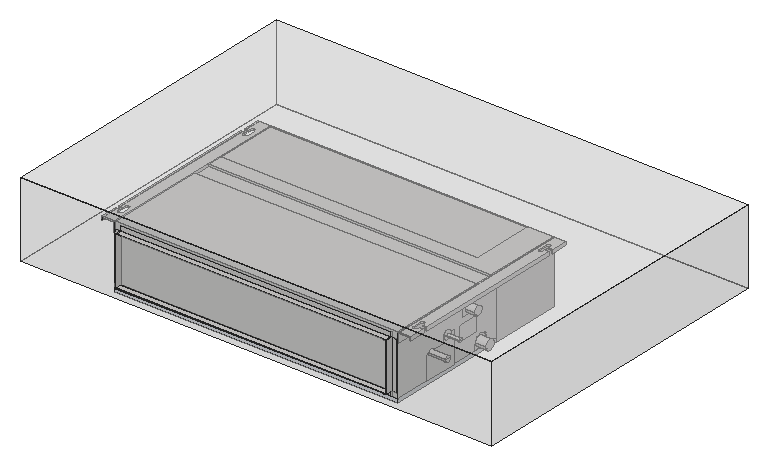
Revit family "outputfile", category 機械設備, Revit 2024
Family settings
  丸型コネクタ寸法 = 半径を使用
  パーツ タイプ = 標準
  OmniClass 番号 = 23.75.10.24.21.27.27
  OmniClass タイトル = Split System Air Conditioning Units
  作業面ベース = いいえ
  常に垂直 = はい
  ロード時にボイドで切り取り = いいえ
  注釈の向きを維持 = いいえ
  共有 = いいえ
  部屋計算ポイント = はい
Parameters (values of type "FXDQ63NDV2S")
  Description = ""
  製造元 = "Daikin"
  書き出し IFC クラス(タイプ) = "IfcUnitaryEquipmentType"
  定義済み IFC タイプ(タイプ) = "AIRCONDITIONINGUNIT"
  Cost = 0
  モデル = "FXDQ63NDV2S"
  Type Comments = ""
  Keynote = ""
  Type Image = (empty or 0)
  Assembly Code = ""
  w_pipe = 33.0 mm
  r_Liquid Pipe Size = Liquid Pipe Size / 2  # 4.75 mm
  r_Gas Pipe Size = Gas Pipe Size / 2  # 7.95 mm
  r_Drain Pipe Size = Drain Pipe Size / 2  # 10.0 mm
  lw_powersupply = 404.0 mm
  lw_ductflange2 = 820.0 mm
  lw_Width = 860.0 mm
  lh_suctionflange [instance] = if(Rear Connection_Return Air, 100.0 mm + [h***], 190.0 mm + [h***])  # 100.0 mm
  lh_SA = 102.5 mm  # constant formula
  ld_suctionflange [instance] = if(Rear Connection_Return Air, 190.0 mm, 100.0 mm)  # 190.0 mm
  ld_powersupply = 60.0 mm
  angle_vertical_RA [instance] = if(Rear Connection_Return Air, 90.00°, 0.00°)  # 90.00°
  angle horizontal_RA [instance] = if(Rear Connection_Return Air, 180.00°, 270.00°)  # 180.00°
  Voltage_comment_50Hz = "220-240"
  Voltage_50Hz = 220 V
  URL = ""
  Supply Air Direction [instance] = yes
  Sound Power Level_H speed (dB) = 59
  Rear Connection_Return Air [instance] = not(Bottom Connection_Return Air)  # yes
  RA_length = 190.0 mm  # constant formula
  Phase_50Hz = 1
  Minimum External Static Pressure = 15.00 Pa
  Minimum Circuit Amps_50Hz = 1.0 A
  Maximum Fuse Amps_50Hz = 16.0 A
  Maximum External Static Pressure = 44.00 Pa
  Material_Casing = DAIKIN_GalvanizedSteel_Casing_indoorunit
  lw_liquidpipe = 46.0 mm  # constant formula
  lw_gaspipe = 57.0 mm  # constant formula
  lw_mountinghole_pitch = 940.0 mm
  lw_mountinghole = 20.0 mm  # constant formula
  lw_drainpipe = 33.0 mm  # constant formula
  lh_powersupply = 10.0 mm
  lh_liquidpipe = 110.0 mm
  lh_gaspipe = 87.0 mm
  lh_mountinghole = Height + [h***]  # 200.0 mm
  lh_drainpipe = 150.0 mm
  lh_antena = 1.0 mm  # constant formula
  ld_liquidpipe = 193.0 mm  # constant formula
  ld_gaspipe = 130.0 mm  # constant formula
  ld_mountinghole_pitch = 0.0 mm  # constant formula
  ld_drainpipe = 280.0 mm
  ld_controlbox = 626.0 mm  # constant formula
  h*** = 0.0 mm  # constant formula
  d_dischargeflange = 21.2 mm  # constant formula
  Width = 900.0 mm
  Version = "ver.1.0"
  Unit Type = "Slim Duct (Standard) Type"
  Unit Mass Weight = 31.00 kg
  Unit Designation [instance] = ""
  Uniclass2015Version = "Products v1.30"
  Uniclass2015Title = "Variable refrigerant flow units"
  Uniclass2015Code = "Pr_70_65_03_94"
  Total Heating Capacity [instance] = 0.000 kW
  Total Cooling Capacity [instance] = 0.000 kW
  Sound Pressure Level_M speed (dBA) = 0
  Sound Pressure Level_L speed (dBA) = 29
  Sound Pressure Level_H speed (dBA) = 33
  Series = "VRV Fan Coil Unit"
  Sensible Cooling Capacity [instance] = 0.000 kW
  SA Duct Size Width = 860.0 mm
  SA Duct Size Height = 153.0 mm
  Refrigerant Type = "R410A"
  RA Duct Size Width = 800.0 mm
  RA Duct Size Height = 180.0 mm
  Power Input (Heating) = 0.168 kW
  Power Input (Cooling) = 0.181 kW
  Option Accessory 3 [instance] = ""
  Option Accessory 2 [instance] = ""
  Option Accessory 1 [instance] = ""
  Nominal Heating Capacity = 8.000 kW
  Nominal Cooling Capacity = 7.100 kW
  Minimum Airflow = 780.00 m³/h
  Median Airflow = 870.00 m³/h
  Maximum Airflow = 990.00 m³/h
  Load Classification = HVAC
  Liquid Pipe Size = 9.5 mm
  Link_Nested Family [instance] = ""
  IfcVersion = "0"
  IfcExportType = "AIRCONDITIONINGUNIT"
  IfcExportAs = "IfcUnitaryEquipmentType"
  Height = 200.0 mm
  Heating Entering Wet Bulb Temperature [instance] = 0.00 °C
  Heating Entering Dry Bulb Temperature [instance] = 0.00 °C
  Heating Ambient Wet Bulb Temperature [instance] = 0.00 °C
  Heating Ambient Dry Bulb Temperature [instance] = 0.00 °C
  Heat Exchanger Type = "Cross Fin Coil"
  Gas Pipe Size = 15.9 mm
  Frequency_50Hz = 50 Hz
  Fan Type = "Sirocco Fan"
  Fan Drive = "Direct Drive"
  FCU Tag No. [instance] = ""
  Drain Pipe Size = 20.0 mm
  Design Supply Airflow [instance] = 0.00 m³/h
  Design Return Airflow [instance] = 0.00 m³/h
  Design External Static Pressure [instance] = 0.00 Pa
  Depth = 620.0 mm
  既定の高さ = 0.0 mm
  Cooling Entering Wet Bulb Temperature [instance] = 0.00 °C
  Cooling Entering Dry Bulb Temperature [instance] = 0.00 °C
  Cooling Ambient Wet Bulb Temperature [instance] = 0.00 °C
  Cooling Ambient Dry Bulb Temperature [instance] = 0.00 °C
  Clearance visibility [instance] = yes
  Clearance Top = 20.0 mm
  Clearance Right = 300.0 mm
  Clearance Rear = 400.0 mm
  Clearance Left = 300.0 mm
  Clearance Front = 0.0 mm
  Clearance Bottom = 20.0 mm
  Bottom Connection_Return Air [instance] = no
Reference planes
  plane 1 "Center (Front/Back)": y = 0
  plane 2: z = 0
  plane 3 "Center (Left/Right)": x = 0
  plane 4 "Back": y = 310
  plane 5 "Front": y = -310
  plane 6 "Left": x = -450
  plane 7 "Right": x = 450
  plane 8 "Top": z = 0
  plane 9 "Bottom": z = -200
  plane 10: x = 330
  plane 11: x = -330
  plane 12: z = -190
  plane 13: z = -6
  plane 14: z = -22
  plane 15: z = -90
  plane 16: z = -113
  plane 17: x = -304
  plane 18: x = 304
  plane 19: x = -470
  plane 20: x = 470
  plane 21: y = 250
  plane 22: y = 250
  plane 23: x = -490
  plane 24: x = 390
  plane 25: x = 496
  plane 26: x = 507
  plane 27: x = 483
  plane 28: z = 0
  plane 29: z = -50
  plane 30 "Clearance Left": x = -750
  plane 31 "Clearance Right": x = 750
  plane 32 "Clearance Rear": y = 710
  plane 33 "Clearance Front": y = -310
  plane 34 "Clearance Top": z = 20
  plane 35 "Clearance Bottom": z = -220
  plane 36: z = -21
  plane 37: z = -170
  plane 38: z = -96.5
  plane 39: x = -40
  plane 40: y = -180
  plane 41: y = -117
  plane 42: y = -30
  plane 43: y = 20
  plane 44: z = -97.5
  plane 45: y = -309
  plane 46: x = -449
  plane 47: z = -100
  plane 48: z = -30
  plane 49: y = 210
  plane 50: z = 301
  plane 51: z = -199
  plane 52: y = 120
  plane 53: z = -101
  plane 54: x = 480
  plane 55: x = 445
  plane 56: x = 455
  plane 57: x = 451
  plane 58: x = 369
  plane 59: x = 449.004
  plane 60: x = -449
  plane 61: x = 404
  plane 62: z = -189
Forms (mm)
  Extrusion 1, solid
    sketch origin (0, 0, 0) x (1, 0, 0) y (0, 0, 1)
      loop
        line (-450, -190) -> (-450, -200) -> (450, -200) -> (450, -190) -> (-450, -190)
    from -84 to 310
  Extrusion 2, solid, material "DAIKIN_GalvanizedSteel_Casing_indoorunit" <- "Material_Casing"
    sketch origin (0, 0, 0) x (1, 0, 0) y (0, 1, 0)
      loop
        line (-450, -309) -> (450, -309) -> (450, 310) -> (-450, 310) -> (-450, -309)
    from -200 to 0
  Extrusion 3, void
    sketch origin (0, 0, 1) x (1, 0, 0) y (0, 1, 0)
      loop
        line (-450, 62.179) -> (-450, 4.179) -> (450, 4.179) -> (450, 62.179) -> (-450, 62.179)
    from -1 to -7
  Extrusion 4, void
    sketch origin (0, 0, 0) x (0, 1, 0) y (0, 0, 1)
      loop
        line (-5, -190) -> (45, -190) -> (45, -170)
        arc (45, -170) -> (20, -145) -> (-5, -170) r 25
        line (-5, -170) -> (-5, -190)
    from 450 to 445
  Revolve 5, solid, material "DAIKIN_GalvanizedSteel_Casing_indoorunit" <- "Material_Casing"
    sketch origin (0, 0, -113) x (0, -1, 0) y (1, 0, 0)
      loop
        line (172.05, 451) -> (180, 451) -> (180, 507) -> (172.05, 507) -> (172.05, 451)
      axis (180, 451) -> (180, 507)
    angle from 0 to 360
  Revolve 6, solid, material "DAIKIN_GalvanizedSteel_Casing_indoorunit" <- "Material_Casing"
    sketch origin (0, 0, -90) x (0, -1, 0) y (1, 0, 0)
      loop
        line (117, 451) -> (117, 496) -> (112.25, 496) -> (112.25, 451) -> (117, 451)
      axis (117, 496) -> (117, 451)
    angle from 0 to 360
  Extrusion 7, solid, material "DAIKIN_GalvanizedSteel_Casing_indoorunit" <- "Material_Casing"
    sketch origin (0, 0, 0) x (0, 1, 0) y (0, 0, 1)
      loop
        circle (-116, -90) r 12.7
    from 450 to 455
  Extrusion 8, solid, material "DAIKIN_GalvanizedSteel_Casing_indoorunit" <- "Material_Casing"
    sketch origin (0, 0, 0) x (0, 1, 0) y (0, 0, 1)
      loop
        circle (20, -170) r 15
    from 480 to 445
  Extrusion 9, solid, material "DAIKIN_GalvanizedSteel_Casing_indoorunit" <- "Material_Casing"
    sketch origin (0, 0, 0) x (0, 1, 0) y (0, 0, 1)
      loop
        line (-52, -30) -> (-52, -70) -> (-11, -70) -> (-11, -30) -> (-52, -30)
    from 450 to 451
  Extrusion 10, solid, material "DAIKIN_GalvanizedSteel_Casing_indoorunit" <- "Material_Casing"
    sketch origin (0, 0, 0) x (0, 1, 0) y (0, 0, 1)
      loop
        circle (-30, -50.064) r 13
    from 450 to 483
  Extrusion 11, solid, material "DAIKIN_GalvanizedSteel_Casing_indoorunit" <- "Material_Casing"
    sketch origin (0, 0, 0) x (0, 1, 0) y (0, 0, 1)
      loop
        line (-63.609, -90) -> (-63.609, -136) -> (0.391, -136) -> (0.391, -90) -> (-63.609, -90)
    from 450 to 451
  Extrusion 12, solid, material "DAIKIN_GalvanizedSteel_Casing_indoorunit" <- "Material_Casing"
    sketch origin (0, 0, 0) x (1, 0, 0) y (0, 0, 1)
      loop
        line (-450, -190) -> (-450, -200) -> (450, -200) -> (450, -190) -> (-450, -190)
    from -84 to 310
  Extrusion 13, solid, material "DAIKIN_GalvanizedSteel_Casing_indoorunit" <- "Material_Casing", visible <- "Bottom Connection_Return Air"
    sketch origin (0, 0, 0) x (1, 0, 0) y (0, 0, 1)
      loop
        line (369, -200) -> (369, -1) -> (-449, -1) -> (-449, -200) -> (369, -200)
    from -310 to -309
  Extrusion 14, void
    sketch origin (0, 0, 0) x (1, 0, 0) y (0, 0, 1)
      loop
        line (369, 0) -> (-449, 0) -> (-449, -1) -> (369, -1) -> (369, 0)
    from -310 to -111
  Extrusion 15, solid, material "DAIKIN_GalvanizedSteel_Casing_indoorunit" <- "Material_Casing", visible <- "Rear Connection_Return Air"
    sketch origin (0, 0, 0) x (1, 0, 0) y (0, 1, 0)
      loop
        line (-449, 310) -> (-449, 111) -> (369, 111) -> (369, 310) -> (-449, 310)
    from -200 to -199
  Extrusion 16, solid, material "DAIKIN_GalvanizedSteel_Casing_indoorunit" <- "Material_Casing"
    sketch origin (0, 0, 0) x (0, 1, 0) y (0, 0, 1)
      loop
        line (-194, -113) -> (-194, -190) -> (-88.3, -190) -> (-88.3, -90) -> (-103.3, -90)
        arc (-103.3, -90) -> (-116, -102.7) -> (-128.7, -90) r 12.7
        line (-128.7, -90) -> (-128.7, -113) -> (-173.65, -113)
        arc (-173.65, -113) -> (-180, -119.35) -> (-186.35, -113) r 6.35
        line (-186.35, -113) -> (-194, -113)
    from 451 to 450
  Extrusion 17, solid, material "DAIKIN_GalvanizedSteel_Casing_indoorunit" <- "Material_Casing"
    sketch origin (0, 0, 0) x (0, 1, 0) y (0, 0, 1)
      loop
        line (84, -199) -> (310, -199) -> (310, -22) -> (91, -22) -> (84, -29) -> (84, -199)
    from 451 to 450
Cuts and joins
  Extrusion 3, Extrusion 4, Extrusion 14 cuts Extrusion 2
  Extrusion 4 cuts Extrusion 1
  Extrusion 14 cuts Extrusion 12
Dimensions and locks
  "lh_powersupply": plane 12 to plane 9 "Bottom"
  locked: plane 8 "Top" to plane 13 at 6
  "Height": plane 8 "Top" to plane 9 "Bottom"
  equal spacing: plane 17, plane 3 "Center (Left/Right)", plane 18, locked at 304 each
  locked: plane 17 to plane 18 at 608
  equal spacing: plane 19, plane 3 "Center (Left/Right)", plane 20
  "lw_mountinghole_pitch": plane 19 to plane 20
  locked: plane 14 to plane 9 "Bottom" at 178
  "lw_mountinghole": plane 23 to plane 19
  "lh_liquidpipe": plane 15 to plane 9 "Bottom"
  "lh_gaspipe": plane 16 to plane 9 "Bottom"
  "lh_mountinghole": plane 28 to plane 9 "Bottom"
  "ld_mountinghole_pitch": plane 22 to plane 21
  equal spacing: plane 6 "Left", plane 3 "Center (Left/Right)", plane 7 "Right"
  "Width": plane 6 "Left" to plane 7 "Right"
  "lh_drainpipe": plane 29 to plane 9 "Bottom"
  "Clearance Right": plane 7 "Right" to plane 31 "Clearance Right"
  "Clearance Left": plane 30 "Clearance Left" to plane 6 "Left"
  "lw_gaspipe": plane 7 "Right" to plane 26
  "lw_liquidpipe": plane 7 "Right" to plane 25
  "lw_drainpipe": plane 7 "Right" to plane 27
  "Clearance Rear": plane 32 "Clearance Rear" to plane 4 "Back"
  "Clearance Front": plane 5 "Front" to plane 33 "Clearance Front"
  "Clearance Top": plane 34 "Clearance Top" to plane 8 "Top"
  "Clearance Bottom": plane 9 "Bottom" to plane 35 "Clearance Bottom"
  "ld_powersupply": plane 4 "Back" to plane 22
  locked: plane 8 "Top" to plane 36 at 21
  locked: plane 8 "Top" to plane 37 at 170
  locked: plane 40 to plane 41 at 63
  locked: plane 38 to plane 9 "Bottom" at 103.5
  locked: plane 36 to plane 44 at 76.5
  "Depth": plane 4 "Back" to plane 5 "Front"
  equal spacing: plane 4 "Back", plane 1 "Center (Front/Back)", plane 5 "Front"
  locked: plane 45 to plane 5 "Front" at 1
  locked: plane 46 to plane 6 "Left" at 1
  Extrusion 13 sketch curve to Extrusion 13 sketch curve = 199.0 mm
  nested 11 to plane 39 = 400.0 mm
  locked: plane 12 to plane 47 at 90
  plane 32 "Clearance Rear" to Extrusion 13 = 401.0 mm
  locked: plane 48 to plane 35 "Clearance Bottom" at 190
  plane 49 to nested 12 = 90.0 mm
  plane 50 to plane 28 = 301.0 mm
  locked: plane 51 to plane 9 "Bottom" at 1
  "ld_suctionflange": plane 4 "Back" to plane 52
  locked: plane 53 to plane 9 "Bottom" at 99
  locked: plane 7 "Right" to plane 54 at 30
  locked: plane 55 to plane 7 "Right" at 5
  locked: plane 7 "Right" to plane 56 at 5
  locked: plane 7 "Right" to plane 57 at 1
  plane 7 "Right" to plane 58 = 81.0 mm
  locked: plane 7 "Right" to plane 59 at 0.996
  locked: plane 60 to plane 6 "Left" at 1
  "lw_powersupply": plane 3 "Center (Left/Right)" to plane 61
  "r_Gas Pipe Size": nested 6 to Revolve 5 sketch curve
  "r_Liquid Pipe Size": nested 5 to Revolve 6 sketch curve
  locked: plane 62 to plane 9 "Bottom" at 11
  aligned and locked: level to plane 2
  aligned and locked: Extrusion 2 to plane 9 "Bottom"
  aligned and locked: plane 8 "Top" to Extrusion 2
  aligned and locked: Revolve 5 sketch curve to Revolve 5 sketch curve
  aligned and locked: plane 15 to Extrusion 7 sketch curve
  aligned and locked: cut or joined group of Extrusion 1, Extrusion 4 to plane 9 "Bottom"
  aligned and locked: plane 27 to Extrusion 10
  aligned and locked: plane 25 to nested 5
  aligned and locked: nested 5 to plane 15
  aligned and locked: nested 1 to plane 22
  aligned and locked: plane 20 to nested 2
  aligned and locked: plane 19 to nested 3
  aligned and locked: plane 22 to nested 4
  aligned and locked: nested 4 to plane 22
  aligned and locked: plane 19 to nested 4
  aligned and locked: nested 7 to plane 29
  aligned and locked: Extrusion 10 to nested 7
  aligned and locked: plane 27 to nested 7
  aligned and locked: nested 10 to plane 12
  aligned and locked: Extrusion 12 to plane 5 "Front"
  aligned and locked: Extrusion 12 to plane 9 "Bottom"
  aligned and locked: nested 6 to plane 16
  aligned and locked: plane 40 to nested 6
  aligned and locked: plane 41 to nested 5
  aligned and locked: plane 42 to nested 7
  aligned and locked: Extrusion 8 sketch curve to plane 43
  aligned and locked: plane 4 "Back" to Extrusion 14
  aligned and locked: Extrusion 15 to nested 12
  aligned and locked: plane 8 "Top" to Extrusion 3
  aligned and locked: Extrusion 13 to cut or joined group of Extrusion 2, Extrusion 3, Extrusion 4, Extrusion 14
  aligned and locked: plane 9 "Bottom" to Extrusion 15  (x2)
  aligned and locked: Extrusion 15 to plane 51
  aligned and locked: plane 4 "Back" to nested 11
  aligned and locked: Extrusion 14 to level
  aligned and locked: plane 32 "Clearance Rear" to nested 13
  aligned and locked: plane 31 "Clearance Right" to nested 13
  aligned and locked: plane 30 "Clearance Left" to nested 13
  aligned and locked: nested 13 to plane 33 "Clearance Front"
  aligned and locked: nested 13 to plane 34 "Clearance Top"
  aligned and locked: nested 13 to plane 35 "Clearance Bottom"
  aligned and locked: plane 7 "Right" to Extrusion 16  (x2)
  aligned and locked: plane 4 "Back" to Extrusion 17
  aligned and locked: Extrusion 17 to plane 51
  aligned and locked: plane 7 "Right" to Extrusion 17  (x2)
  aligned and locked: Extrusion 16 to Revolve 5 sketch curve
  aligned and locked: Extrusion 3 to plane 13
  aligned and locked: plane 52 to nested 14
  aligned and locked: nested 12 to Extrusion 14
  aligned and locked: Extrusion 11 to plane 7 "Right"
  aligned and locked: Extrusion 7 to plane 7 "Right"
  aligned and locked: plane 7 "Right" to cut or joined group of Extrusion 2, Extrusion 3, Extrusion 4, Extrusion 14  (x2)
  aligned and locked: cut or joined group of Extrusion 2, Extrusion 3, Extrusion 4, Extrusion 14 to plane 55
  aligned and locked: Extrusion 8 to plane 55
  aligned and locked: plane 54 to Extrusion 8
  aligned and locked: plane 56 to Extrusion 7
  aligned and locked: plane 57 to Extrusion 17
  aligned and locked: Extrusion 16 to plane 57
  aligned and locked: Extrusion 11 to plane 57
  aligned and locked: plane 26 to nested 6
  aligned and locked: Extrusion 9 to plane 57
  aligned and locked: Extrusion 9 to plane 7 "Right"
  aligned and locked: Extrusion 10 to plane 7 "Right"
  aligned and locked: plane 58 to Extrusion 14 sketch curve
  aligned and locked: Extrusion 13 sketch curve to plane 58
  aligned and locked: plane 3 "Center (Left/Right)" to nested 15
  aligned and locked: Extrusion 15 to plane 58
  aligned and locked: plane 6 "Left" to nested 11
  aligned and locked: plane 8 "Top" to nested 15
  aligned and locked: plane 4 "Back" to nested 15
  aligned and locked: cut or joined group of Extrusion 2, Extrusion 3, Extrusion 4, Extrusion 14 to plane 45
  aligned and locked: nested 10 to plane 61
  aligned and locked: plane 20 to nested 1
  aligned and locked: nested 12 to plane 58
  aligned and locked: nested 9 to plane 1 "Center (Front/Back)"
  aligned and locked: plane 3 "Center (Left/Right)" to nested 9
  aligned and locked: plane 51 to nested 12
  aligned and locked: nested 11 to plane 51
  aligned and locked: nested 16 to plane 62
  aligned and locked: plane 13 to nested 16
  aligned and locked: plane 45 to nested 16
  aligned and locked: level to plane 8 "Top"
Automatic sketch dimensions
  Extrusion 1 sketch curve to plane 6 "Left" = 0.0 mm
  Extrusion 1 sketch curve to plane 7 "Right" = 0.0 mm
  Extrusion 1 sketch curve to plane 9 "Bottom" = 0.0 mm
  Extrusion 1 sketch curve to plane 12 = 0.0 mm
  Extrusion 2 sketch curve to plane 4 "Back" = 0.0 mm
  Extrusion 2 sketch curve to plane 6 "Left" = 0.0 mm
  Extrusion 2 sketch curve to plane 7 "Right" = 0.0 mm
  Extrusion 2 sketch curve to plane 45 = 0.0 mm
  Extrusion 3 sketch curve to plane 6 "Left" = 0.0 mm
  Extrusion 3 sketch curve to plane 7 "Right" = 0.0 mm
  Extrusion 3 sketch curve to plane 1 "Center (Front/Back)" = 4.179 mm
  plane 43 to Extrusion 3 sketch curve = 42.179 mm
  Extrusion 4 sketch curve to plane 37 = 0.0 mm
  Extrusion 4 sketch curve to plane 12 = 0.0 mm
  Extrusion 4 sketch curve to plane 43 = 0.0 mm
  plane 1 "Center (Front/Back)" to Extrusion 4 sketch curve = 5.0 mm
  plane 41 to Extrusion 7 sketch curve = 1.0 mm
  Extrusion 8 sketch curve to plane 37 = 0.0 mm
  Extrusion 9 sketch curve to plane 42 = 22.0 mm
  plane 1 "Center (Front/Back)" to Extrusion 9 sketch curve = 11.0 mm
  plane 15 to Extrusion 9 sketch curve = 20.0 mm
  Extrusion 9 sketch curve to plane 14 = 8.0 mm
  Extrusion 10 sketch curve to plane 42 = 0.0 mm
  Extrusion 10 sketch curve to plane 29 = 0.064 mm
  plane 15 to Extrusion 11 sketch curve = 0.0 mm
  Extrusion 11 sketch curve to plane 42 = 33.609 mm
  Extrusion 11 sketch curve to plane 1 "Center (Front/Back)" = 0.391 mm
  Extrusion 11 sketch curve to plane 16 = 23.0 mm
  Extrusion 12 sketch curve to plane 6 "Left" = 0.0 mm
  Extrusion 12 sketch curve to plane 7 "Right" = 0.0 mm
  Extrusion 12 sketch curve to plane 9 "Bottom" = 0.0 mm
  Extrusion 12 sketch curve to plane 12 = 0.0 mm
  plane 46 to Extrusion 13 sketch curve = 0.0 mm
  plane 46 to Extrusion 14 sketch curve = 0.0 mm
  Extrusion 14 sketch curve to plane 8 "Top" = 1.0 mm
  Extrusion 15 sketch curve to plane 46 = 0.0 mm
  Extrusion 15 sketch curve to plane 4 "Back" = 0.0 mm
  plane 18 to Extrusion 15 sketch curve = 65.0 mm
  plane 43 to Extrusion 15 sketch curve = 91.0 mm
  plane 35 "Clearance Bottom" to Extrusion 14 sketch curve = 220.0 mm
  Extrusion 13 sketch curve to plane 51 = 1.0 mm
  Extrusion 16 sketch curve to plane 12 = 0.0 mm
  Extrusion 16 sketch curve to plane 16 = 0.0 mm
  Extrusion 16 sketch curve to plane 40 = 0.0 mm
  Extrusion 16 sketch curve to plane 15 = 0.0 mm
  Extrusion 16 sketch curve to Extrusion 16 sketch curve = 6.35 mm
  Extrusion 16 sketch curve to Extrusion 16 sketch curve = 7.65 mm
  Extrusion 16 sketch curve to plane 41 = 11.7 mm
  plane 41 to Extrusion 16 sketch curve = 1.0 mm
  Extrusion 16 sketch curve to Extrusion 16 sketch curve = 27.7 mm
  Extrusion 17 sketch curve to plane 51 = 0.0 mm
  Extrusion 17 sketch curve to plane 14 = 0.0 mm
  plane 48 to Extrusion 17 sketch curve = 1.0 mm
  plane 43 to Extrusion 17 sketch curve = 64.0 mm
  Extrusion 17 sketch curve to Extrusion 17 sketch curve = 7.0 mm
  Extrusion 17 sketch curve to plane 4 "Back" = 0.0 mm
  Revolve 5 sketch curve to plane 26 = 0.0 mm
  Revolve 5 sketch curve to plane 40 = 0.0 mm
  Revolve 5 sketch curve to Revolve 5 sketch curve = 1.003 mm
  plane 26 to Revolve 5 sketch curve = 1.003 mm
  Revolve 6 sketch curve to plane 41 = 0.0 mm  (x2)
  Revolve 6 sketch curve to plane 25 = 0.0 mm  (x2)
  Revolve 6 sketch curve to plane 57 = 0.0 mm  (x2)
  radius of Extrusion 7 sketch curve = 12.7 mm
  radius of Extrusion 8 sketch curve = 15.0 mm
  radius of Extrusion 10 sketch curve = 13.0 mm
Nested families
  nested 1: "daikin_mountinghole" at (470, 250, -200), l_antenna <- "lh_antena", Link_Nested Family <- "Link_Nested Family", h_mountinghole <- "lh_mountinghole", type "daikin_mountinghole"
    with show yes, l_antenna 1.0 mm, h_mountinghole 200.0 mm, Link_Nested Family ""
  nested 2: "daikin_mountinghole" at (470, -250, -200), Link_Nested Family <- "Link_Nested Family", l_antenna <- "lh_antena", h_mountinghole <- "lh_mountinghole", type "daikin_mountinghole"
    with show yes, l_antenna 1.0 mm, h_mountinghole 200.0 mm, Link_Nested Family ""
  nested 3: "daikin_mountinghole" at (-470, -250, -200), l_antenna <- "lh_antena", Link_Nested Family <- "Link_Nested Family", h_mountinghole <- "lh_mountinghole", type "daikin_mountinghole"
    with show yes, l_antenna 1.0 mm, h_mountinghole 200.0 mm, Link_Nested Family ""
  nested 4: "daikin_mountinghole" at (-470, 250, -200), l_antenna <- "lh_antena", Link_Nested Family <- "Link_Nested Family", h_mountinghole <- "lh_mountinghole", type "daikin_mountinghole"
    with show yes, l_antenna 1.0 mm, h_mountinghole 200.0 mm, Link_Nested Family ""
  nested 5: "daikin_connector_rotate2" at (450, -117, -90) x (0, 1, 0) z (0, 0, 1), length <- "lw_liquidpipe", built-in parameter 1001364 <- "lh_liquidpipe", radius <- "r_Liquid Pipe Size", type "daikin_connector_rotate2"
    with radius 4.75 mm, length 46.0 mm, angle_vertical 90.00°
  nested 6: "daikin_connector_rotate2" at (450, -180, -113) x (0, 1, 0) z (0, 0, 1), length <- "lw_gaspipe", built-in parameter 1001364 <- "lh_gaspipe", radius <- "r_Gas Pipe Size", type "daikin_connector_rotate2"
    with radius 7.95 mm, length 57.0 mm, angle_vertical 90.00°
  nested 7: "daikin_connector_rotate2" at (450, -30, -50) x (0, 1, 0) z (0, 0, 1), built-in parameter 1001364 <- "lh_drainpipe", length <- "lw_drainpipe", radius <- "r_Drain Pipe Size", type "daikin_connector_rotate2"
    with radius 10.0 mm, length 33.0 mm, angle_vertical 90.00°
  nested 8: "daikin_connector_rotate2" at (0, -309, -97.5), length <- "d_dischargeflange", built-in parameter 1001364 <- "lh_SA", type "daikin_connector_rotate2"
    with radius 10.0 mm, length 21.2 mm, angle_vertical 90.00°
  nested 9: "daikin_△_symbolicline" at (-75, -129.904, 200) x (-0.5, 0.866, 0) z (0, 0, 1), built-in parameter 1001364 <- "Height", visible <- "Supply Air Direction", type "daikin_△_symbolicline"
    with length 300.0 mm
  nested 10: "daikin_connector_rotate2" at (404, 250, -190) x (-1, 0, 0) z (0, 0, 1), built-in parameter 1001364 <- "lw_powersupply", length <- "ld_powersupply", type "daikin_connector_rotate2"
    with radius 10.0 mm, length 60.0 mm, angle_vertical 90.00°
  nested 11: "daikin_ductflange_FXDQ-NDV2S2" at (-40, 310, -100), visible <- "Rear Connection_Return Air", material <- "Material_Casing", width <- "lw_ductflange2", type "daikin_ductflange_FXDQ-NDV2S2"
    with width 820.0 mm, material DAIKIN_GalvanizedSteel_Casing_indoorunit, height 180.0 mm, depth 21.2 mm
  nested 12: "daikin_ductflange_FXDQ-NDV2S2" at (-40, 210, -200) x (1, 0, 0) z (0, 1, 0), visible <- "Bottom Connection_Return Air", material <- "Material_Casing", width <- "lw_ductflange2", type "daikin_ductflange_FXDQ-NDV2S2"
    with width 820.0 mm, material DAIKIN_GalvanizedSteel_Casing_indoorunit, height 180.0 mm, depth 21.2 mm
  nested 13: "daikin_clearancespace" at (0, 200, -99.881), visible <- "Clearance visibility", show <- "Clearance visibility", Link_Nested Family <- "Link_Nested Family", type "daikin_clearancespace"
    with width 1500.0 mm, show yes, height 240.0 mm, depth 1020.0 mm, Link_Nested Family ""
  nested 14: "daikin_connector_rotate3" at (-40, 120, -100), built-in parameter 1001364 <- "lh_suctionflange", angle_vertical <- "angle_vertical_RA", angle_horizontal <- "angle horizontal_RA", length <- "RA_length", type "daikin_connector_rotate3"
    with show no, radius 10.0 mm, length 190.0 mm, angle_vertical 90.00°, angle_horizontal 180.00°
  nested 15: "daikin_hangerfixture_FXDQ-NDV2S" at (0, 0.5, 0), type "daikin_hangerfixture_FXDQ-NDV2S"
  nested 16: "daikin_ductflange_FXDQ-NDV2S" at (0, 4.5, -364.201), material <- "Material_Casing", width <- "lw_Width", type "daikin_ductflange_FXDQ-NDV2S"
    with width 860.0 mm, material DAIKIN_GalvanizedSteel_Casing_indoorunit, height 155.0 mm, depth 21.2 mm
Connectors
  piping at (507, -180, -113), diameter 15.9, driven by "r_Gas Pipe Size"
    settings: on nested 6, index 1, connector inside diameter 609.6 mm, connector length 0.0 mm, flow factor 0, pipe flow 0.00 m³/h, pressure drop 0.0 Pa, fitting loss kfactor 0, connector angle 0.00°, fixture units 0, engagement length 0.0 mm, angle of deflection 0.00°, flow configuration 1, flow direction 2, fitting loss method 0, system type 29, joint type 0, gender type 0, connector reference index -1, connector utility 0, adjustable connector no, is connector primary yes, connector description "Refrigerant Gas Piping"
  piping at (496, -117, -90), diameter 9.5, driven by "r_Liquid Pipe Size"
    settings: on nested 5, index 2, connector inside diameter 609.6 mm, connector length 0.0 mm, flow factor 0, pipe flow 0.00 m³/h, pressure drop 0.0 Pa, fitting loss kfactor 0, connector angle 0.00°, fixture units 0, engagement length 0.0 mm, angle of deflection 0.00°, flow configuration 1, flow direction 1, fitting loss method 0, system type 29, joint type 0, gender type 0, connector reference index -1, connector utility 0, adjustable connector no, is connector primary no, connector description "Refrigerant Liquid Piping"
  piping at (483, -30, -50), diameter 20, driven by "r_Drain Pipe Size"
    settings: on nested 7, index 3, connector inside diameter 609.6 mm, connector length 0.0 mm, flow factor 0, pipe flow 0.00 m³/h, pressure drop 0.0 Pa, fitting loss kfactor 0, connector angle 0.00°, fixture units 0, engagement length 0.0 mm, angle of deflection 0.00°, flow configuration 1, flow direction 2, fitting loss method 4, system type 16, joint type 0, gender type 0, connector reference index -1, connector utility 0, adjustable connector no, is connector primary no, connector description "Condensate Drain Piping"
  hvac at (0, -330.2, -97.5), driven by "SA Duct Size Height", driven by "SA Duct Size Width"
    settings: on nested 8, index 7, duct flow 0.00 m³/h, flow factor 0, pres drop 0.00 Pa, loss coef 0, conn angle 0.00°, conn width 860.0 mm, conn height 153.0 mm, conn diameter 609.6 mm, duct sys type 1, conn prof type 1, flow config 0, flow direction 2, loss method 4, conn ref index -1, conn util no, is conn primary yes, conn desc "SA Duct"
  electrical at (404, 310, -190), driven by "Load Classification"
    settings: on nested 10, index 9, voltage 0 V, apparent load 0 VA, apparent load phase1 0 VA, apparent load phase2 0 VA, apparent load phase3 0 VA, power factor 1, load classification "HVAC", number of poles 1, system type 30, power factor state 1, is connector primary yes, connector utility no, sub classification motor no, connector description "Power Supply"
  hvac at (-40, 310, -100), driven by "RA Duct Size Height", driven by "RA Duct Size Width"
    settings: on nested 14, index 10, duct flow 0.00 m³/h, flow factor 0, pres drop 0.00 Pa, loss coef 0, conn angle 0.00°, conn width 800.0 mm, conn height 180.0 mm, conn diameter 609.6 mm, duct sys type 2, conn prof type 1, flow config 0, flow direction 1, loss method 4, conn ref index -1, conn util no, is conn primary no, conn desc "RA Duct"
Definition of nested family "daikin_ductflange_FXDQ-NDV2S2"
  Parameters (values of type "daikin_ductflange_FXDQ-PDVE2")
    width [instance] = 620.0 mm
    material [instance] = none
    height [instance] = 180.0 mm
    depth [instance] = 21.2 mm
    Default Elevation = 0.0 mm
  Reference planes
    plane 1 "Center (Front/Back)": y = 0
    plane 2: z = 0
    plane 3 "Center (Left/Right)": x = 0
    plane 4: y = -313.5
    plane 5: y = -334.7
    plane 6: x = -310
    plane 7: x = 310
    plane 8: z = 90
    plane 9: z = -90
    plane 10: z = 100
    plane 11: z = -100
    plane 12: x = -309
    plane 13: x = 309
  Forms (mm)
    Extrusion 1, solid, material <- "material"
      sketch origin (0, 0, 0) x (1, 0, 0) y (0, 0, 1)
        loop
          line (-300, 90) -> (-300, -90) -> (300, -90) -> (300, 90) -> (-300, 90)
        loop
          line (-309, -99) -> (309, -99) -> (309, 99) -> (-309, 99) -> (-309, -99)
      from 0 to 1
  Dimensions and locks
    plane 4 to plane 1 "Center (Front/Back)" = 313.5 mm
    "depth": plane 5 to plane 4
    equal spacing: plane 7, plane 3 "Center (Left/Right)", plane 6, locked at 310 each
    "width": plane 7 to plane 6
    equal spacing: plane 8, level, plane 9, locked at 90 each
    "height": plane 8 to plane 9
    equal spacing: plane 10, level, plane 11, locked at 100 each
    locked: plane 10 to plane 11 at 200
    plane 12 to plane 6 = 1.0 mm
    locked: plane 7 to plane 13 at 1
    locked: Extrusion 1 sketch curve to Extrusion 1 sketch curve at 9  (x4)
    locked: plane 10 to Extrusion 1 sketch curve at 1
    locked: Extrusion 1 sketch curve to plane 11 at 1
    aligned and locked: level to plane 2
  Automatic sketch dimensions
    plane 6 to Extrusion 1 sketch curve = 1.0 mm
    Extrusion 1 sketch curve to plane 7 = 1.0 mm
Definition of nested family "daikin_clearancespace"
  Parameters (values of type "daikin_clearancespace")
    width [instance] = 1823.963 mm
    show [instance] = yes
    material = none
    height [instance] = 1359.762 mm
    depth [instance] = 880.0 mm
    Default Elevation = 0.0 mm
    Link_Nested Family [instance] = ""
  Reference planes
    plane 1 "Center (Front/Back)": y = 0
    plane 2 "Center (Elevation)": z = -0.119
    plane 3 "Center (Left/Right)": x = 0
    plane 4: y = 440
    plane 5: y = -440
    plane 6 "Right": x = 911.982
    plane 7 "Left": x = -911.982
    plane 8 "Top": z = 679.762
    plane 9 "Bottom": z = -680
  Forms (mm)
    Extrusion 1, solid, material <- "material", visible <- "show"
      sketch origin (0, 0, 0) x (1, 0, 0) y (0, 1, 0)
        loop
          line (-911.982, 440) -> (-911.982, -440) -> (911.982, -440) -> (911.982, 440) -> (-911.982, 440)
      from -680 to 679.762
  Lines and regions (mm)
    symbolic lines, visible <- "show"
      curve 1: line (911.982, 440, 0) -> (-911.982, 440, 0)
      curve 2: line (-911.982, 440, 0) -> (-911.982, -440, 0)
      curve 3: line (-911.982, -440, 0) -> (911.982, -440, 0)
      curve 4: line (911.982, -440, 0) -> (911.982, 440, 0)
      curve 5: line (911.982, 0, 679.762) -> (-911.982, 0, 679.762)
      curve 6: line (911.982, 0, -680) -> (911.982, 0, 679.762)
      curve 7: line (-911.982, 0, -680) -> (911.982, 0, -680)
      curve 8: line (-911.982, 0, 679.762) -> (-911.982, 0, -680)
      curve 9: line (0, 440, 679.762) -> (0, -440, 679.762)
      curve 10: line (0, -440, 679.762) -> (0, -440, -680)
      curve 11: line (0, 440, -680) -> (0, 440, 679.762)
      curve 12: line (0, -440, -680) -> (0, 440, -680)
  Dimensions and locks
    "width": plane 7 "Left" to plane 6 "Right"
    "depth": plane 4 to plane 5
    "height": plane 8 "Top" to plane 9 "Bottom"
    equal spacing: plane 7 "Left", plane 3 "Center (Left/Right)", plane 6 "Right"
    equal spacing: plane 4, plane 1 "Center (Front/Back)", plane 5
    equal spacing: plane 8 "Top", plane 2 "Center (Elevation)", plane 9 "Bottom"
    aligned and locked: level to plane 2 "Center (Elevation)"
    aligned and locked: Extrusion 1 sketch curve to plane 4
    aligned and locked: plane 7 "Left" to Extrusion 1 sketch curve
    aligned and locked: Extrusion 1 sketch curve to plane 5
    aligned and locked: Extrusion 1 sketch curve to plane 6 "Right"
    aligned and locked: plane 8 "Top" to Extrusion 1
    aligned and locked: curve 1 to Extrusion 1
    aligned and locked: curve 2 to Extrusion 1
    aligned and locked: curve 3 to Extrusion 1
    aligned and locked: curve 4 to Extrusion 1
    aligned and locked: curve 5 to Extrusion 1
    aligned and locked: curve 6 to Extrusion 1
    aligned and locked: curve 7 to Extrusion 1
    aligned and locked: curve 8 to Extrusion 1
    aligned and locked: curve 9 to Extrusion 1
    aligned and locked: curve 10 to Extrusion 1
    aligned and locked: curve 11 to Extrusion 1
    aligned and locked: curve 12 to Extrusion 1
    aligned and locked: Extrusion 1 to plane 9 "Bottom"
Definition of nested family "daikin_hangerfixture_FXDQ-NDV2S"
  Parameters (values of type "daikin_hangerfixture_FXDQ-PDVE")
    width = 900.0 mm
    material = none
    height = 30.0 mm
    depth = 619.0 mm
    Default Elevation = 0.0 mm
  Reference planes
    plane 1 "Center (Front/Back)": y = 0
    plane 2: z = 0
    plane 3 "Center (Left/Right)": x = 0
    plane 4: x = 450
    plane 5: y = 309.5
    plane 6: y = -309.5
    plane 7: x = -450
    plane 8: z = -30
  Forms (mm)
    Extrusion 1, solid, material <- "material"
      sketch origin (0, 0, 0) x (1, 0, 0) y (0, 0, 1)
        loop
          line (450, 0) -> (450, -30) -> (452.3, -30) -> (452.3, -2.3) -> (487.7, -2.3) -> (487.7, -10) -> (490, -10) -> (490, 0) -> (450, 0)
      from -309.5 to 309.5
    Extrusion 2, void
      sketch origin (0, 0, 0) x (0, 1, 0) y (0, 0, 1)
        loop
          line (309.5, -30) -> (309.5, -17.979) -> (87.935, -17.979) -> (75.914, -30) -> (309.5, -30)
      from 0 to 550
    Extrusion 3, void
      sketch origin (0, 0, 0) x (1, 0, 0) y (0, 1, 0)
        loop
          line (490, -244) -> (477, -244) -> (477, -237.5)
          arc (477, -237.5) -> (470, -230.5) -> (463, -237.5) r 7
          line (463, -237.5) -> (463, -263.5)
          arc (463, -263.5) -> (470, -270.5) -> (477, -263.5) r 7
          line (477, -263.5) -> (477, -257) -> (490, -257) -> (490, -244)
        loop
          line (490, 243) -> (490, 256) -> (477, 256) -> (477, 262.5)
          arc (477, 262.5) -> (470, 269.5) -> (463, 262.5) r 7
          line (463, 262.5) -> (463, 236.5)
          arc (463, 236.5) -> (470, 229.5) -> (477, 236.5) r 7
          line (477, 236.5) -> (477, 243) -> (490, 243)
      from -254.96 to 618
    Extrusion 4, solid, material <- "material"
      sketch origin (0, 0, 0) x (-1, 0, 0) y (0, 0, -1)
        loop
          line (450, 0) -> (490, 0) -> (490, 10) -> (487.7, 10) -> (487.7, 2.3) -> (452.3, 2.3) -> (452.3, 30) -> (450, 30) -> (450, 0)
      from -309.5 to 309.5
    Extrusion 5, void
      sketch origin (0, 0, 0) x (-1, 0, 0) y (0, -1, 0)
        loop
          line (490, 244) -> (490, 257) -> (477, 257) -> (477, 263.5)
          arc (477, 263.5) -> (470, 270.5) -> (463, 263.5) r 7
          line (463, 263.5) -> (463, 237.5)
          arc (463, 237.5) -> (470, 230.5) -> (477, 237.5) r 7
          line (477, 237.5) -> (477, 244) -> (490, 244)
        loop
          line (490, -243) -> (477, -243) -> (477, -236.5)
          arc (477, -236.5) -> (470, -229.5) -> (463, -236.5) r 7
          line (463, -236.5) -> (463, -262.5)
          arc (463, -262.5) -> (470, -269.5) -> (477, -262.5) r 7
          line (477, -262.5) -> (477, -256) -> (490, -256) -> (490, -243)
      from -254.96 to 618
  Cuts and joins
    Extrusion 2, Extrusion 3, Extrusion 5 cuts Extrusion 1
    Extrusion 5 cuts Extrusion 4
  Dimensions and locks
    equal spacing: plane 5, plane 1 "Center (Front/Back)", plane 6
    "depth": plane 5 to plane 6
    plane 6 to plane 1 "Center (Front/Back)" to plane 5 = 309.5 mm, 309.5 mm
    equal spacing: plane 4, plane 3 "Center (Left/Right)", plane 7
    "width": plane 4 to plane 7
    "height": level to plane 8
    locked: plane 4 to Extrusion 2 at 100
    aligned and locked: level to plane 2
    aligned and locked: plane 5 to Extrusion 1
    aligned and locked: Extrusion 1 to plane 6
    aligned and locked: Extrusion 1 to plane 4
    aligned and locked: plane 5 to cut or joined group of Extrusion 1, Extrusion 2, Extrusion 3, Extrusion 5
    aligned and locked: cut or joined group of Extrusion 1, Extrusion 2, Extrusion 3, Extrusion 5 to plane 6
    aligned and locked: level to cut or joined group of Extrusion 1, Extrusion 2, Extrusion 3, Extrusion 5
    aligned and locked: cut or joined group of Extrusion 1, Extrusion 2, Extrusion 3, Extrusion 5 to plane 8
    aligned and locked: plane 5 to cut or joined group of Extrusion 4, Extrusion 5
    aligned and locked: cut or joined group of Extrusion 4, Extrusion 5 to plane 6
  Automatic sketch dimensions
    Extrusion 1 sketch curve to plane 4 = 0.0 mm
    Extrusion 1 sketch curve to plane 8 = 0.0 mm
    Extrusion 1 sketch curve to level = 0.0 mm
    plane 4 to Extrusion 1 sketch curve = 2.3 mm
    Extrusion 1 sketch curve to level = 2.3 mm
    Extrusion 1 sketch curve to Extrusion 1 sketch curve = 35.4 mm
    Extrusion 1 sketch curve to Extrusion 1 sketch curve = 2.3 mm
    Extrusion 1 sketch curve to Extrusion 1 sketch curve = 7.7 mm
    Extrusion 2 sketch curve to plane 8 = 0.0 mm
    Extrusion 2 sketch curve to plane 5 = 0.0 mm
    plane 8 to Extrusion 2 sketch curve = 12.021 mm
    Extrusion 2 sketch curve to plane 1 "Center (Front/Back)" = 87.935 mm
    Extrusion 2 sketch curve to Extrusion 2 sketch curve = 12.021 mm
    plane 4 to Extrusion 3 sketch curve = 13.0 mm  (x2)
    Extrusion 3 sketch curve to Extrusion 3 sketch curve = 7.0 mm  (x4)
    Extrusion 3 sketch curve to Extrusion 3 sketch curve = 13.0 mm  (x4)
    plane 6 to Extrusion 3 sketch curve = 46.0 mm
    Extrusion 3 sketch curve to Extrusion 3 sketch curve = 6.5 mm  (x4)
    Extrusion 3 sketch curve to plane 5 = 73.0 mm
    Extrusion 4 sketch curve to plane 7 = 0.0 mm
    Extrusion 4 sketch curve to plane 8 = 0.0 mm
    Extrusion 4 sketch curve to level = 0.0 mm
    Extrusion 4 sketch curve to plane 7 = 2.3 mm
    Extrusion 4 sketch curve to level = 2.3 mm
    Extrusion 4 sketch curve to Extrusion 4 sketch curve = 35.4 mm
    Extrusion 4 sketch curve to Extrusion 4 sketch curve = 2.3 mm
    Extrusion 4 sketch curve to Extrusion 4 sketch curve = 7.7 mm
    Extrusion 5 sketch curve to plane 7 = 13.0 mm  (x2)
    Extrusion 5 sketch curve to Extrusion 5 sketch curve = 7.0 mm  (x4)
    Extrusion 5 sketch curve to Extrusion 5 sketch curve = 13.0 mm  (x4)
    Extrusion 5 sketch curve to plane 5 = 47.0 mm
    Extrusion 5 sketch curve to Extrusion 5 sketch curve = 6.5 mm  (x4)
    plane 6 to Extrusion 5 sketch curve = 72.0 mm
Definition of nested family "daikin_ductflange_FXDQ-NDV2S"
  Parameters (values of type "daikin_ductflange_FXDQ-NDVE")
    width [instance] = 860.0 mm
    material [instance] = none
    height [instance] = 155.0 mm
    depth [instance] = 21.2 mm
    Default Elevation = 0.0 mm
  Reference planes
    plane 1 "Center (Front/Back)": y = 0
    plane 2: z = 189.201
    plane 3 "Center (Left/Right)": x = 0
    plane 4: y = -313.5
    plane 5: x = -430
    plane 6: x = 430
    plane 7: y = -334.7
    plane 8: z = 344.201
    plane 9: z = 266.701
    plane 10: z = 343.201
    plane 11: z = 190.201
  Forms (mm)
    Extrusion 1, solid, material <- "material"
      sketch origin (0, 0, 189.201) x (1, 0, 0) y (0, 1, 0)
        loop
          line (-430, -334.7) -> (-430, -313.5) -> (-448, -313.5) -> (-448, -314.5) -> (-431, -314.5) -> (-431, -334.7) -> (-430, -334.7)
        loop
          line (430, -334.7) -> (431, -334.7) -> (431, -314.5) -> (448, -314.5) -> (448, -313.5) -> (430, -313.5) -> (430, -334.7)
      from 1 to 154
    Extrusion 2, solid, material <- "material"
      sketch origin (0, 0, 0) x (0, 1, 0) y (0, 0, 1)
        loop
          line (-313.5, 343.201) -> (-313.5, 358.201) -> (-314.5, 358.201) -> (-314.5, 344.201) -> (-334.7, 344.201) -> (-334.7, 343.201) -> (-313.5, 343.201)
        loop
          line (-313.5, 190.201) -> (-334.7, 190.201) -> (-334.7, 189.201) -> (-314.5, 189.201) -> (-314.5, 175.201) -> (-313.5, 175.201) -> (-313.5, 190.201)
      from -430 to 430
  Dimensions and locks
    plane 4 to plane 1 "Center (Front/Back)" = 313.5 mm
    "depth": plane 7 to plane 4
    equal spacing: plane 8, plane 9, level
    "height": plane 8 to level
    equal spacing: plane 6, plane 3 "Center (Left/Right)", plane 5
    "width": plane 6 to plane 5
    plane 5 to plane 6 = 860.0 mm
    locked: plane 8 to plane 10 at 1
    locked: plane 11 to level at 1
    locked: Extrusion 1 to Extrusion 2 sketch curve at 1
    locked: Extrusion 2 sketch curve to Extrusion 1 at 1
    locked: Extrusion 1 sketch curve to Extrusion 1 sketch curve at 1
    locked: Extrusion 1 sketch curve to plane 5 at 18
    locked: Extrusion 1 to plane 5 at 18
    locked: plane 6 to Extrusion 1 at 18
    locked: plane 5 to Extrusion 1 at 18
    locked: Extrusion 1 to plane 6 at 18
    aligned and locked: level to plane 2
    aligned and locked: Extrusion 2 to plane 5
    aligned and locked: Extrusion 2 to plane 11
    aligned and locked: Extrusion 2 to plane 10
    aligned and locked: plane 6 to Extrusion 2
    aligned and locked: plane 5 to Extrusion 2  (x2)
    aligned and locked: plane 5 to Extrusion 1  (x2)
    aligned and locked: Extrusion 1 to plane 6
    aligned and locked: plane 6 to Extrusion 1
    aligned and locked: Extrusion 1 to plane 10
  Automatic sketch dimensions
    Extrusion 1 sketch curve to plane 4 = 0.0 mm  (x2)
    Extrusion 1 sketch curve to plane 7 = 0.0 mm  (x2)
    plane 5 to Extrusion 1 sketch curve = 0.0 mm
    Extrusion 1 sketch curve to plane 5 = 1.0 mm
    plane 6 to Extrusion 1 sketch curve = 1.0 mm
    Extrusion 2 sketch curve to plane 7 = 0.0 mm  (x2)
    Extrusion 2 sketch curve to plane 4 = 0.0 mm  (x2)
    Extrusion 2 sketch curve to plane 11 = 0.0 mm
    Extrusion 2 sketch curve to plane 10 = 0.0 mm
    Extrusion 2 sketch curve to plane 4 = 1.0 mm  (x2)
    Extrusion 2 sketch curve to level = 14.0 mm
    plane 8 to Extrusion 2 sketch curve = 14.0 mm
    Extrusion 1 sketch curve to Extrusion 1 sketch curve = 17.0 mm
    Extrusion 1 sketch curve to plane 4 = 1.0 mm
    Extrusion 1 sketch curve to plane 6 = 0.0 mm
Definition of nested family "daikin_mountinghole"
  Parameters (values of type "daikin_mountinghole")
    Default Elevation = 1219.2 mm
    Type Comments = "mountinghole"
    show [instance] = yes
    material = none
    l_centerline = 100.0 mm
    l_antenna [instance] = 100.0 mm
    h_mountinghole [instance] = 0.0 mm
    d_circle = 30.0 mm
    Link_Nested Family [instance] = ""
  Reference planes
    plane 1 "Center (Front/Back)": y = 0
    plane 2: z = 0
    plane 3 "Center (Left/Right)": x = 0
    plane 4: y = 50
    plane 5: x = -50
    plane 6: x = 50
    plane 7: y = -50
    plane 8 "h_mountinghole": z = 0
    plane 9: z = 100
  Lines and regions (mm)
    model lines, detail levels fine
      curve 1: circle (0, 0, 0) r 15 normal (0, 0, 1)
      curve 2: line (-50, 0, 0) -> (50, 0, 0)
      curve 3: line (0, 50, 0) -> (0, -50, 0)
    symbolic lines, detail levels fine
      curve 4: circle (0, 0, 0) r 15 normal (0, 0, 1)
      curve 5: line (-50, 0, 0) -> (50, 0, 0)
      curve 6: line (0, 50, 0) -> (0, -50, 0)
    model lines
      curve 7: line (0, 0, 100) -> (0, 0, 0)
  Dimensions and locks
    equal spacing: plane 4, plane 1 "Center (Front/Back)", plane 7
    "l_centerline": plane 4 to plane 7
    equal spacing: plane 5, plane 3 "Center (Left/Right)", plane 6
    "l_centerline": plane 5 to plane 6
    "l_antenna": plane 9 to plane 8 "h_mountinghole"
    "h_mountinghole": plane 8 "h_mountinghole" to plane 2
    "d_circle": diameter of curve 1
    "d_circle": diameter of curve 4
    aligned and locked: level to plane 2
    aligned and locked: plane 1 "Center (Front/Back)" to curve 1
    aligned and locked: plane 3 "Center (Left/Right)" to curve 1
    aligned and locked: plane 1 "Center (Front/Back)" to curve 2
    aligned and locked: curve 3 to plane 3 "Center (Left/Right)"
    aligned and locked: plane 6 to curve 2
    aligned and locked: plane 5 to curve 2
    aligned and locked: plane 4 to curve 3
    aligned and locked: plane 7 to curve 3
    aligned and locked: plane 1 "Center (Front/Back)" to curve 4
    aligned and locked: plane 3 "Center (Left/Right)" to curve 4
    aligned and locked: plane 6 to curve 5
    aligned and locked: plane 5 to curve 5
    aligned and locked: plane 1 "Center (Front/Back)" to curve 5
    aligned and locked: plane 4 to curve 6
    aligned and locked: plane 7 to curve 6
    aligned and locked: curve 6 to plane 3 "Center (Left/Right)"
    aligned and locked: curve 7 to plane 3 "Center (Left/Right)"
    aligned and locked: plane 9 to curve 7
    aligned and locked: plane 8 "h_mountinghole" to curve 7
Definition of nested family "daikin_connector_rotate2"
  Parameters (values of type "daikin_connector_rotate2")
    Default Elevation = 1219.2 mm
    show_face = no
    radius [instance] = 10.0 mm
    length [instance] = 600.0 mm
    d_surface = 10.0 mm
    angle_vertical [instance] = 90.00°
  Reference planes
    plane 1 "Center (Front/Back)": y = 0
    plane 2: z = 0
    plane 3 "Center (Left/Right)": x = 0
  Forms (mm)
    Extrusion 1, solid, visible <- "show_face"
      sketch origin (0, -600, 0) x (1, 0, 0) y (0, 0, 1)
        loop
          circle (0, 0) r 10
      from 0 to -10
  Lines and regions (mm)
    reference lines
      curve 1: line (0, 0, 0) -> (0, -600, 0)
    symbolic lines
      curve 2: circle (0, 0, 0) r 5 normal (0, 0, 1)
    model lines, visible <- "show_face"
      curve 3: line (0, 0, 0) -> (0, -600, 0)
  Dimensions and locks
    "length": curve 1 to curve 1
    "length": curve 3 to curve 3
    "d_surface": Extrusion 1 to Extrusion 1
    "radius": radius of Extrusion 1 sketch curve
    "angle_vertical": angle curve 1 to plane 1 "Center (Front/Back)"
    "angle_vertical": angle curve 3 to plane 1 "Center (Front/Back)"
    aligned and locked: level to plane 2
    aligned and locked: plane 1 "Center (Front/Back)" to curve 1
    aligned and locked: plane 2 to curve 1
    aligned and locked: plane 1 "Center (Front/Back)" to curve 2
    aligned and locked: plane 3 "Center (Left/Right)" to curve 2
    aligned and locked: plane 1 "Center (Front/Back)" to curve 3
    aligned and locked: plane 2 to curve 3
    aligned and locked: Extrusion 1 to Extrusion 1
  Automatic sketch dimensions
    Extrusion 1 sketch curve to level = 0.0 mm
    Extrusion 1 sketch curve to plane 3 "Center (Left/Right)" = 0.0 mm
    radius of curve 2 = 5.0 mm
Definition of nested family "daikin_△_symbolicline"
  Parameters (values of type "daikin_△_symbolicline")
    length [instance] = 500.0 mm
    Default Elevation = 0.0 mm
  Reference planes
    plane 1 "Center (Front/Back)": y = 0
    plane 2: z = 0
    plane 3 "Center (Left/Right)": x = 0
  Lines and regions (mm)
    symbolic lines
      curve 1: line (0, -433.013, 0) -> (250, 0, 0)
      curve 2: line (250, 0, 0) -> (-250, 0, 0)
      curve 3: line (-250, 0, 0) -> (0, -433.013, 0)
  Dimensions and locks
    equal spacing: curve 3, plane 3 "Center (Left/Right)", curve 2
    "length": curve 3 to curve 2
    "length": curve 3 to curve 3
    "length": curve 1 to curve 1
    aligned and locked: level to plane 2
    aligned and locked: curve 2 to plane 1 "Center (Front/Back)"
    aligned and locked: plane 3 "Center (Left/Right)" to curve 3
Definition of nested family "daikin_connector_rotate3"
  Parameters (values of type "daikin_connector_rotate3")
    Default Elevation = 1219.2 mm
    show [instance] = yes
    radius [instance] = 10.0 mm
    length [instance] = 600.0 mm
    angle_horizontal [instance] = 60.00°
    angle_vertical [instance] = 90.00°
  Reference planes
    plane 1 "Center (Front/Back)": y = 0
    plane 2: z = 0
    plane 3 "Center (Left/Right)": x = 0
  Dimensions and locks
    "angle_horizontal": angle plane 3 "Center (Left/Right)" to nested 1
    aligned and locked: level to plane 2
    aligned and locked: plane 1 "Center (Front/Back)" to nested 1  (x2)
    aligned and locked: plane 3 "Center (Left/Right)" to nested 1
  Nested families
    nested 1: "daikin_connector_rotate2" at (0, 0, 0) x (0.5, 0.866, 0) z (0, 0, 1), angle_vertical <- "angle_vertical", length <- "length", radius <- "radius", type "daikin_connector_rotate2"
      with radius 10.0 mm, length 600.0 mm, angle_vertical 90.00°
  Definition of nested family "daikin_connector_rotate2"
    Parameters (values of type "daikin_connector_rotate2")
      show_face = yes
      radius [instance] = 10.0 mm
      length [instance] = 600.0 mm
      d_surface = 10.0 mm
      angle_vertical [instance] = 90.00°
      Default Elevation = 0.0 mm
    Reference planes
      plane 1 "Center (Front/Back)": y = 0
      plane 2: z = 0
      plane 3 "Center (Left/Right)": x = 0
    Forms (mm)
      Extrusion 1, solid, visible <- "show_face"
        sketch origin (0, -600, 0) x (1, 0, 0) y (0, 0, 1)
          loop
            circle (0, 0) r 10
        from 0 to -10
    Lines and regions (mm)
      reference lines
        curve 1: line (0, 0, 0) -> (0, -600, 0)
      symbolic lines
        curve 2: circle (0, 0, 0) r 5 normal (0, 0, 1)
      model lines, visible <- "show_face"
        curve 3: line (0, 0, 0) -> (0, -600, 0)
    Dimensions and locks
      "length": curve 1 to curve 1
      "length": curve 3 to curve 3
      "d_surface": Extrusion 1 to Extrusion 1
      "radius": radius of Extrusion 1 sketch curve
      "angle_vertical": angle curve 1 to plane 1 "Center (Front/Back)"
      "angle_vertical": angle curve 3 to plane 1 "Center (Front/Back)"
      aligned and locked: level to plane 2
      aligned and locked: plane 1 "Center (Front/Back)" to curve 1
      aligned and locked: plane 2 to curve 1
      aligned and locked: plane 1 "Center (Front/Back)" to curve 2
      aligned and locked: plane 3 "Center (Left/Right)" to curve 2
      aligned and locked: plane 1 "Center (Front/Back)" to curve 3
      aligned and locked: plane 2 to curve 3
      aligned and locked: Extrusion 1 to Extrusion 1
    Automatic sketch dimensions
      Extrusion 1 sketch curve to level = 0.0 mm
      Extrusion 1 sketch curve to plane 3 "Center (Left/Right)" = 0.0 mm
      radius of curve 2 = 5.0 mm
